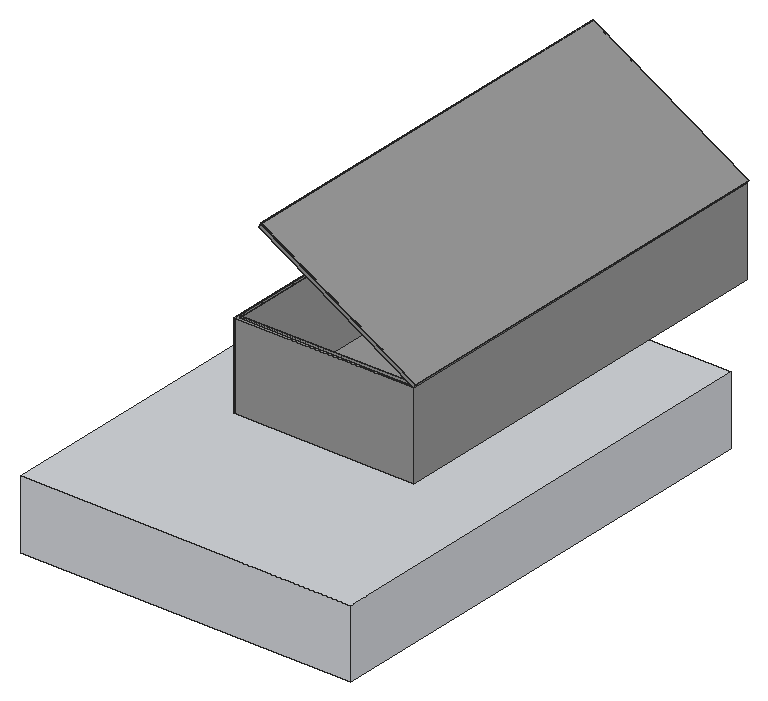
Revit family "Hager-Univers-IP41-D400-H1850-Cl.I-Steel_encl-PL-en", category Equipement électrique, Revit 2020
Family settings
  Hôte = Face
  Configuration du panneau = Deux colonnes, circuits au sein
  Cote de connecteur circulaire = Utiliser le diamètre
  Type d'élément = Tableau de raccordement
  Couper avec des vides une fois chargée = Non
  Partagée = Non
  Point de calcul de pièce = Non
Parameters (values of type "Surface mounted (plaster) IP41 W800 H1850 D400  - FS23G")
  Width Control [instance] = if([EF000008 - Width] > Min Width, [EF000008 - Width], Min Width)  # 800 mm
  Commentaires du type = [HG000003 - Range]  # "Univers"
  Thickness Door [instance] = if([EF009171 - Material plate thickness door/cover] > 3 mm, 3 mm, [EF009171 - Material plate thickness door/cover])  # 1.5 mm
  Seal Frame Offset [instance] = 17 mm  # constant formula
  Plinth Visibility [instance] = [HG000027 - Plinth height] > 0 mm  # no
  Model = ""
  Min Width [instance] = 100 mm  # constant formula
  Min Height [instance] = 100 mm  # constant formula
  Min Depth [instance] = (2 * [EF009170 - Material plate thickness cabinet]) + 1 mm  # 4 mm
  Internal Frame Depth [instance] = (Door System Depth * 0.5)  # 9 mm
  Height Control [instance] = if([EF000040 - Height] > Min Height, [EF000040 - Height], Min Height)  # 1850 mm
  HG000027 - Plinth height = 0 mm
  HG000026 - Floor standing = no
  HG000024 - Bottom section height = 800 mm
  HG000023 - Double section enclosure = no
  HG000016 - Door 3d visibility [instance] = yes
  HG000015 - Clearance visibility [instance] = no
  HG000014 - Door on the right [instance] = yes
  HG000013 - Door on the left [instance] = not([HG000014 - Door on the right])  # no
  HG000012 - Door swing angle [instance] = 30.00°
  HG000010 - Asymmetric doors = no
  HG000009 - Double swing door = no
  HG000006 - Flush mounted = no
  HG000004 - Manufacturer reference = "FS23G"
  HG000003 - Range = "Univers"
  HG000002 - With door or cover = yes
  Frame Offset Bottom [instance] = 10 mm  # constant formula
  Frame Offset [instance] = 15 mm  # constant formula
  EF015940 - Cover with overpressure release = no
  EF011959 - Degree of protection (NEMA) = ""
  EF009554 - Number of openings for flange plates = 6
  EF009212 - Cover model = "EV000116 - Closed"
  EF009171 - Material plate thickness door/cover = 1.5 mm
  EF009170 - Material plate thickness cabinet = 1.5 mm
  Fabricant = "Hager"  # constant formula
  EF008873 - Nominal current (In) = 800 A
  EF007800 - Suitable for lightning protection = no
  EF006306 - With lock = no
  EF006244 - Transparent cover/door = no
  EF005474 - Degree of protection (IP) = "EV006416 - IP41"
  EF004464 - Type of door = "EV002646 - Single"
  EF004427 - Number of modules = 432
  EF004293 - Impact strength = "EV006813 - IK07"
  EF003532 - Suitable for outdoor use = no
  EF002950 - Width in number of modular spacings = 24
  EF001613 - Circuit integrity = "EV000494 - None"
  EF001596 - Material housing = "EV000179 - Steel"
  EF001131 - Internal depth = 400 mm
  EF001088 - Extension possible = yes
  EF000437 - Number of conduit inlets = 6
  EF000339 - Type of cover = "EV004216 - Door"
  EF000266 - Number of rows = 12
  EF000218 - Built-in depth = 0 mm
  EF000118 - With mounting plate = no
  EF000116 - RAL-number = "7035"
  EF000049 - Depth = 400 mm
  EF000040 - Height = 1850 mm
  EF000008 - Width = 800 mm
  EF000007 - Colour = "EV000270 - Grey"
  EF000003 - Mounting method = "EV000384 - Surface mounted (plaster)"
  Door System Leaf Tolerance [instance] = 1.5 mm  # constant formula
  Door System Depth [instance] = 18 mm  # constant formula
  Door Height [instance] = Height Control - [HG000027 - Plinth height]  # 1850 mm
  Depth Control [instance] = if([EF000049 - Depth] > Min Depth, [EF000049 - Depth], Min Depth)  # 400 mm
  Default Elevation = 0 mm
  Connector Offset [instance] = Height Control / 2  # 925 mm
  Bottom Top Plate Trim [instance] = 1.5 mm  # constant formula
  Plinth height Ctrl [instance] = if([HG000027 - Plinth height] > 0 mm, [HG000027 - Plinth height], 12 mm)  # 12 mm
Types (5, lengths in mm): name | Width Control | HG000009 - Double swing door | HG000004 - Manufacturer reference | EF009554 - Number of openings for flange plates | EF004464 - Type of door | EF004427 - Number of modules | EF000437 - Number of conduit inlets | EF000008 - Width
  Surface mounted (plaster) IP41 W1050 H1850 D400  - FS24G | 1050 | yes | "FS24G" | 8 | "EV003602 - Double" | 576 | 8 | 1050
  Surface mounted (plaster) IP41 W1300 H1850 D400  - FS25G | 1300 | yes | "FS25G" | 10 | "EV003602 - Double" | 720 | 10 | 1300
  Surface mounted (plaster) IP41 W300 H1850 D400  - FS21G | 300 | no | "FS21G" | 2 | "EV002646 - Single" | 144 | 2 | 300
  Surface mounted (plaster) IP41 W550 H1850 D400  - FS22G | 550 | no | "FS22G" | 4 | "EV002646 - Single" | 288 | 4 | 550
  Surface mounted (plaster) IP41 W800 H1850 D400  - FS23G | 800 | no | "FS23G" | 6 | "EV002646 - Single" | 432 | 6 | 800
Reference planes
  plane 1 "Center (Front/Back)": y = 0
  plane 2: z = 0
  plane 3 "Center (Left/Right)": x = 0
  plane 4: z = 400
  plane 5: y = 1.5
  plane 6: y = 925
  plane 7: y = 0
  plane 8: y = 1850
  plane 9: z = 0
  plane 10: x = -385
  plane 11: x = 385
  plane 12: x = 383.5
  plane 13: x = -383.5
  plane 14: y = 1848.5
  plane 15: x = -383
  plane 16: x = -400
  plane 17: x = 383
  plane 18: x = 400
  plane 19: x = 398.5
  plane 20: x = -398.5
  plane 21: y = 11.5
  plane 22: y = 1850
  plane 23: y = 1833.5
  plane 24: z = 382
  plane 25: z = 1.5
  plane 26: z = 380.5
  plane 27: z = 398.5
Forms (mm)
  Extrusion 1, solid
    sketch origin (0, 0, 0) x (1, 0, 0) y (0, 1, 0)
      loop
        line (-702.964, 1305) -> (-702.964, -811.445) -> (766.763, -811.445) -> (766.763, 1305) -> (-702.964, 1305)
    from 0 to -304.8
  Extrusion 2, solid, material "Hager_Steel_RAL7035_Light_Grey", visible <- "Plinth Visibility", detail levels medium+fine
    sketch origin (0, 0, 0) x (1, 0, 0) y (0, 1, 0)
      loop
        line (-400, 0) -> (400, 0) -> (400, 12) -> (-400, 12) -> (-400, 0)
    from 0 to 382
  Extrusion 3, solid, material "Hager_Steel_RAL7035_Light_Grey", detail levels medium+fine
    sketch origin (0, 0, 0) x (1, 0, 0) y (0, 1, 0)
      loop
        line (-400, 0) -> (400, 0) -> (400, 1850) -> (-400, 1850) -> (-400, 0)
    from 0 to 382
  Extrusion 4, void
    sketch origin (0, 0, 0) x (1, 0, 0) y (0, 1, 0)
      loop
        line (-398.5, 1.5) -> (398.5, 1.5) -> (398.5, 1848.5) -> (-398.5, 1848.5) -> (-398.5, 1.5)
    from 1.5 to 380.5
  Extrusion 5, void
    sketch origin (-381.607, -4572, 382) x (0, -1, 0) y (-1, 0, 0)
      loop
        line (-4583.5, 1.893) -> (-6405.5, 1.893) -> (-6405.5, -765.107) -> (-4583.5, -765.107) -> (-4583.5, 1.893)
    from 0 to 1.5 <- "EF009170 - Material plate thickness cabinet"
  Extrusion 6, solid, material "Hager_Steel_RAL7035_Light_Grey", detail levels fine
    sketch origin (0, 0, 382) x (1, 0, 0) y (0, 1, 0)
      loop
        line (-383.5, 1833.5) -> (-383.5, 11.5) -> (383.5, 11.5) -> (383.5, 1833.5) -> (-383.5, 1833.5)
      loop
        line (-385, 10) -> (385, 10) -> (385, 1835) -> (-385, 1835) -> (-385, 10)
    from 0 to 9 <- "Internal Frame Depth"
  Extrusion 7, solid, material "Hager_Steel_RAL7035_Light_Grey", detail levels coarse
    sketch origin (0, 0, 0) x (1, 0, 0) y (0, 1, 0)
      loop
        line (-400, 0) -> (400, 0) -> (400, 1850) -> (-400, 1850) -> (-400, 0)
    from 0 to 400
  Sweep 8, void
    path in 3D
      loop
        line (-400, 12, 0) -> (400, 12, 0) -> (400, 12, 382) -> (-400, 12, 382) -> (-400, 12, 0)
    profile origin (-400, 12, 191) x (-1, 0, 0) y (0, -1, 0)
      loop
        line (0, 0) -> (0, 1.5) -> (-1.5, 1.5)
        arc (-1.5, 1.5) -> (-1.061, 0.439) -> (0, 0) r 1.5
Cuts and joins
  Extrusion 4, Extrusion 5 cuts Extrusion 3
  Sweep 8 cuts Extrusion 2
Lines and regions (mm)
  Masking region 1
    outline origin (0, 0, 0) x (1, 0, 0) y (0, 0, 1)
      loop
        line (-400, 400) -> (-400, 0) -> (400, 0) -> (400, 400) -> (-400, 400)
  Masking region 2, detail levels medium+fine
    outline origin (0, 140, 0) x (0, 1, 0) y (0, 0, 1)
      loop
        line (-140, 0) -> (1710, 0) -> (1710, 382) -> (-140, 382) -> (-140, 0)
  Masking region 3, not visible, detail levels medium+fine
    outline origin (0, 297.922, 0) x (0, 1, 0) y (0, 0, 1)
      loop
        line (638.578, 0) -> (678.578, 0) -> (678.578, 388.5)
        arc (678.578, 388.5) -> (675.649, 395.571) -> (668.578, 398.5) r 10
        line (668.578, 398.5) -> (638.578, 398.5) -> (638.578, 0)
  Masking region 4, detail levels coarse
    outline origin (0, 0, 180) x (0, 1, 0) y (0, 0, 1)
      loop
        line (0, -180) -> (1850, -180) -> (1850, 220) -> (0, 220) -> (0, -180)
  Masking region 5, visible <- "Plinth Visibility", detail levels medium+fine
    outline origin (0, 52.24, 12.345) x (0, 0, -1) y (0, 1, 0)
      loop
        line (10.845, -40.24) -> (-368.155, -40.24)
        arc (-368.155, -40.24) -> (-368.594, -41.301) -> (-369.655, -41.74) r 1.5
        line (-369.655, -41.74) -> (-369.655, -52.24) -> (12.345, -52.24) -> (12.345, -41.74)
        arc (12.345, -41.74) -> (11.285, -41.301) -> (10.845, -40.24) r 1.5
  Masking region 6, detail levels medium+fine
    outline origin (-381.607, -4572, 382) x (-1, 0, 0) y (0, -1, 0)
      loop
        line (18.393, -6422) -> (18.393, -4572) -> (-781.607, -4572) -> (-781.607, -6422) -> (18.393, -6422)
  Masking region 7, visible <- "Plinth Visibility", detail levels medium+fine
    outline origin (-381.607, -4727, 382) x (-1, 0, 0) y (0, -1, 0)
      loop
        arc (16.893, -4739) -> (17.332, -4737.939) -> (18.393, -4737.5) r 1.5
        line (18.393, -4737.5) -> (18.393, -4727) -> (-781.607, -4727) -> (-781.607, -4737.5)
        arc (-781.607, -4737.5) -> (-780.546, -4737.939) -> (-780.107, -4739) r 1.5
        line (-780.107, -4739) -> (16.893, -4739)
  Masking region 8, detail levels coarse
    outline origin (-442.548, -4669.526, 382) x (-1, 0, 0) y (0, -1, 0)
      loop
        line (-42.548, -6519.526) -> (-42.548, -4669.526) -> (-842.548, -4669.526) -> (-842.548, -6519.526) -> (-42.548, -6519.526)
  sketch lines
    curve 1: line (-400, 12, 382) -> (-400, 12, 0)
    curve 2: line (400, 12, 382) -> (-400, 12, 382)
    curve 3: line (400, 12, 382) -> (400, 12, 0)
    curve 4: line (-400, 12, 0) -> (400, 12, 0)
Dimensions and locks
  "Depth Control": plane 4 to Extrusion 1
  "HG000027 - Plinth height": plane 1 "Center (Front/Back)" to plane 7
  "EF009170 - Material plate thickness cabinet": plane 5 to plane 7
  locked: connector elem to plane 3 "Center (Left/Right)"
  equal spacing: plane 8, plane 6, plane 7
  locked: connector elem to plane 6
  "EF009170 - Material plate thickness cabinet": plane 8 to plane 14
  "EF009170 - Material plate thickness cabinet": plane 10 to plane 13
  "EF009170 - Material plate thickness cabinet": plane 12 to plane 11
  "Frame Offset": plane 20 to plane 13
  "Frame Offset": plane 12 to plane 19
  "EF009170 - Material plate thickness cabinet": plane 16 to plane 20
  "EF009170 - Material plate thickness cabinet": plane 19 to plane 18
  "Seal Frame Offset": plane 16 to plane 15
  "Seal Frame Offset": plane 17 to plane 18
  "Frame Offset Bottom": plane 21 to plane 5
  "Frame Offset": plane 14 to plane 23
  equal spacing: plane 16, plane 3 "Center (Left/Right)", plane 18
  "Width Control": plane 16 to plane 18
  "EF009170 - Material plate thickness cabinet": plane 4 to plane 27
  "EF009170 - Material plate thickness cabinet": plane 24 to plane 26
  "EF009170 - Material plate thickness cabinet": plane 25 to level
  "Door System Depth": plane 4 to plane 24
  "Height Control": plane 1 "Center (Front/Back)" to Extrusion 7 sketch curve
  "Height Control": Masking region 4 sketch curve to plane 1 "Center (Front/Back)"
  "Height Control": plane 1 "Center (Front/Back)" to plane 22
  "Bottom Top Plate Trim": profile plane to Sweep 8 sketch curve
  "Bottom Top Plate Trim": Sweep 8 sketch curve to profile plane
  "Plinth height Ctrl": plane 1 "Center (Front/Back)" to Extrusion 2 sketch curve
  "Plinth height Ctrl": Masking region 5 sketch curve to plane 1 "Center (Front/Back)"
  "Plinth height Ctrl": plane 1 "Center (Front/Back)" to Masking region 7 sketch curve
  "Thickness Door": Extrusion 6 sketch curve to Extrusion 6 sketch curve  (x3)
  "Thickness Door": cut or joined group of Extrusion 3, Extrusion 4, Extrusion 5 to Extrusion 6 sketch curve
  radius of Masking region 3 sketch curve = 10 mm
  "Bottom Top Plate Trim": radius of Masking region 5 sketch curve  (x2)
  "Bottom Top Plate Trim": radius of Sweep 8 sketch curve
  "Bottom Top Plate Trim": radius of Masking region 7 sketch curve  (x2)
  aligned and locked: plane 2 to Extrusion 1
  aligned and locked: level to Extrusion 1
  aligned and locked: level to Masking region 1 sketch curve
  aligned and locked: Masking region 1 sketch curve to plane 18
  aligned and locked: Masking region 1 sketch curve to plane 16
  aligned and locked: plane 7 to Masking region 2 sketch curve
  aligned and locked: level to Masking region 3 sketch curve
  aligned and locked: Masking region 3 sketch curve to plane 27
  aligned and locked: level to Masking region 2 sketch curve
  aligned and locked: plane 1 "Center (Front/Back)" to Extrusion 2 sketch curve
  aligned and locked: Extrusion 3 sketch curve to plane 7
  aligned and locked: plane 16 to Extrusion 3 sketch curve
  aligned and locked: plane 18 to Extrusion 3 sketch curve
  aligned and locked: plane 20 to Extrusion 4 sketch curve
  aligned and locked: plane 19 to Extrusion 4 sketch curve
  aligned and locked: Extrusion 4 sketch curve to plane 5
  aligned and locked: Extrusion 4 to plane 25
  aligned and locked: plane 26 to Extrusion 4
  aligned and locked: plane 24 to Extrusion 3
  aligned and locked: Extrusion 5 sketch curve to plane 21
  aligned and locked: Extrusion 5 sketch curve to plane 13
  aligned and locked: Extrusion 5 sketch curve to plane 12
  aligned and locked: plane 18 to Extrusion 7 sketch curve
  aligned and locked: plane 1 "Center (Front/Back)" to Extrusion 7 sketch curve
  aligned and locked: plane 16 to Extrusion 7 sketch curve
  aligned and locked: plane 4 to Extrusion 7
  aligned and locked: Extrusion 7 to level
  aligned and locked: level to Masking region 4 sketch curve
  aligned and locked: Masking region 4 sketch curve to plane 1 "Center (Front/Back)"
  aligned and locked: Masking region 4 sketch curve to plane 4
  aligned and locked: nested 1 to level
  aligned and locked: nested 1 to plane 16
  aligned and locked: plane 8 to Extrusion 3 sketch curve
  aligned and locked: plane 23 to Extrusion 5 sketch curve
  aligned and locked: plane 14 to Extrusion 4 sketch curve
  aligned and locked: Masking region 2 sketch curve to plane 8
  aligned and locked: level to Masking region 5 sketch curve
  aligned and locked: plane 16 to Extrusion 2 sketch curve
  aligned and locked: plane 18 to Extrusion 2 sketch curve
  aligned and locked: Masking region 5 sketch curve to plane 24
  aligned and locked: Masking region 2 sketch curve to plane 24
  aligned and locked: plane 24 to Extrusion 2
  aligned and locked: profile plane to Sweep 8 sketch curve  (x2)
  aligned and locked: Masking region 6 sketch curve to plane 18
  aligned and locked: Masking region 6 sketch curve to plane 22
  aligned and locked: Masking region 6 sketch curve to plane 16
  aligned and locked: plane 8 to plane 22
  aligned and locked: Masking region 6 sketch curve to plane 7
  aligned and locked: Masking region 7 sketch curve to plane 16
  aligned and locked: Masking region 7 sketch curve to plane 1 "Center (Front/Back)"
  aligned and locked: Masking region 7 sketch curve to plane 18
  aligned and locked: Masking region 8 sketch curve to plane 1 "Center (Front/Back)"
  aligned and locked: Masking region 8 sketch curve to plane 18
  aligned and locked: Masking region 8 sketch curve to plane 22
  aligned and locked: Masking region 8 sketch curve to plane 16
  aligned and locked: nested 2 to plane 7
  aligned and locked: plane 3 "Center (Left/Right)" to nested 2
  aligned and locked: nested 2 to plane 24
  aligned and locked: Extrusion 6 sketch curve to cut or joined group of Extrusion 3, Extrusion 4, Extrusion 5  (x4)
Automatic sketch dimensions
  Extrusion 1 sketch curve to Extrusion 1 sketch curve = 1469.727 mm
  Extrusion 1 sketch curve to Extrusion 1 sketch curve = 2116.445 mm
  Masking region 1 sketch curve to plane 4 = 0 mm
  plane 6 to Masking region 3 sketch curve = 11.5 mm
  Masking region 3 sketch curve to Masking region 3 sketch curve = 30 mm
  Masking region 5 sketch curve to plane 1 "Center (Front/Back)" = 0 mm
Nested families
  nested 1: "Hager_Enclosure_Symbol" at (-400, 0, 0) x (1, 0, 0) z (0, -1, 0), Height <- "Depth Control", Width <- "Width Control", type "Hager_Enclosure_Symbol"
    with Width_Ctrl 800 mm, Width 800 mm, Height_Ctrl 400 mm, Height 400 mm, A_Width_Int 26.25 mm, A_Width 315 mm, A_Height_Ctrl 350 mm, A_Height 350 mm
  nested 2: "EC000058_Univers_Door" at (0, 0, 382) x (1, 0, 0) z (0, 1, 0), Leaf_Tolerance <- "Door System Leaf Tolerance", Angle <- "HG000012 - Door swing angle", Door_Depth <- "Door System Depth", Door_Left <- "HG000013 - Door on the left", Transparent <- "EF006244 - Transparent cover/door", Assymetrical <- "HG000010 - Asymmetric doors", Width <- "Width Control", Clearance <- "HG000015 - Clearance visibility", Double <- "HG000009 - Double swing door", 3d_Door <- "HG000016 - Door 3d visibility", Lock_Visibility <- "EF006306 - With lock", Width_Ctrl <- "Width Control", Door_Right <- "HG000014 - Door on the right", Door <- "HG000002 - With door or cover", Height <- "Door Height", Thickness <- "Thickness Door", type "EC000058_Univers_Door", detail levels medium+fine
    with min_wh 4 mm, Width_Ctrl 800 mm, Width 800 mm, Transparent no, Thickness 1.5 mm, Seal_Material Hager_Rubber, Lock_Visibility no, Lock_Material Hager_Plastic_RAL9005_Jet_Black, Leaf_Width 800 mm, Leaf_Tolerance_External_Sides 0 mm, Leaf_Tolerance 1.5 mm, Leaf_Offset 0 mm, Leaf_Height 1847 mm, Leaf_2_Width 800 mm, Leaf_2_Offset 400 mm, Leaf_1_Width 800 mm, Leaf_1_Offset 400 mm, Height_Ctrl 1850 mm, Height 1850 mm, Glass_Material Hager_Glass, Double_Clearance_Ctrl no, Double no, Door_Right_Ctrl yes, Door_Right yes, Door_Material Hager_Steel_RAL7035_Light_Grey, Door_Left_Ctrl no, Door_Left no, Door_Depth 18 mm, Door yes, Clearance_Material Hager_Clearance, Clearance_Depth 800 mm, Clearance_Ctrl no, Clearance no, Assymetrical no, Angle 30.00°, 3d_Door yes
Connectors
  electrical at (0, 925, 0)
    settings: on plane 9, index 1, voltage 0 V, apparent load 0 VA, apparent load phase1 0 VA, apparent load phase2 0 VA, apparent load phase3 0 VA, power factor 1, load classification "Other", number of poles 1, system type 30, power factor state 1, is connector primary yes, connector utility no, sub classification motor no, connector description ""
Definition of nested family "EC000058_Univers_Door"
  Parameters (values of type "EC000058_Univers_Door")
    min_wh [instance] = (2 * Thickness) + 1 mm  # 11 mm
    Width_Ctrl [instance] = 400 mm
    Width [instance] = 500 mm
    Transparent [instance] = yes
    Thickness [instance] = 5 mm
    Seal_Material [instance] = none
    Lock_Visibility [instance] = yes
    Lock_Material [instance] = none
    Leaf_Width [instance] = if((Width_Ctrl - 2 * Leaf_Tolerance_External_Sides) > 0 mm, (Width_Ctrl - 2 * Leaf_Tolerance_External_Sides), min_wh)  # 400 mm
    Leaf_Tolerance_External_Sides [instance] = 0 mm  # constant formula
    Leaf_Tolerance [instance] = 1.5 mm
    Leaf_Offset [instance] = 0 mm  # constant formula
    Leaf_Height [instance] = if((Height_Ctrl - 2 * Leaf_Tolerance) > 0 mm, (Height_Ctrl - 2 * Leaf_Tolerance), min_wh)  # 497 mm
    Leaf_2_Width [instance] = if(and(and(Double, Assymetrical), Door_Left), (Leaf_Width / 3) - (Leaf_Tolerance / 2), if(and(and(Double, Assymetrical), Door_Right), (Leaf_Width / 3) * 2 - (Leaf_Tolerance / 2), if(and(Double, not(Assymetrical)), (Leaf_Width / 2) - Leaf_Tolerance, Leaf_Width)))  # 400 mm
    Leaf_2_Offset [instance] = if(and(Double, Assymetrical), Leaf_2_Width / 2, if(and(Double, not(Assymetrical)), Leaf_Width / 4, Leaf_Width / 2))  # 200 mm
    Leaf_1_Width [instance] = if(and(and(Double, Assymetrical), Door_Right), (Leaf_Width / 3) - (Leaf_Tolerance / 2), if(and(and(Double, Assymetrical), Door_Left), (Width / 3) * 2 - (Leaf_Tolerance / 2), if(and(Double, not(Assymetrical)), (Leaf_Width / 2) - Leaf_Tolerance, Leaf_Width)))  # 400 mm
    Leaf_1_Offset [instance] = if(and(Double, Assymetrical), Leaf_1_Width / 2, if(and(Double, not(Assymetrical)), Leaf_Width / 4, Leaf_Width / 2))  # 200 mm
    Height_Ctrl [instance] = if(Height > min_wh, Height, min_wh)  # 500 mm
    Height [instance] = 500 mm
    Glass_Material [instance] = none
    Double_Clearance_Ctrl [instance] = and(Double, Clearance)  # no
    Double [instance] = no
    Door_Right_Ctrl [instance] = and(or(Door_Right, Double), Door)  # yes
    Door_Right [instance] = yes
    Door_Material [instance] = none
    Door_Left_Ctrl [instance] = and(or(Door_Left, Double), Door)  # no
    Door_Left [instance] = no
    Door_Depth [instance] = 30 mm
    Door [instance] = yes
    Default Elevation = 1219.2 mm
    Clearance_Material [instance] = none
    Clearance_Depth [instance] = if(Leaf_1_Width > Leaf_2_Width, Leaf_1_Width, Leaf_2_Width)  # 400 mm
    Clearance_Ctrl [instance] = and(not(Double), Clearance)  # yes
    Clearance [instance] = yes
    Assymetrical [instance] = yes
    Angle [instance] = 30.00°
    3d_Door [instance] = yes
  Reference planes
    plane 1 "Center (Front/Back)": y = 0
    plane 2 "Bottom": z = 0
    plane 3 "Center (Left/Right)": x = 0
    plane 4: z = 500
    plane 5: x = -200
    plane 6: x = 200
    plane 7: z = 500
    plane 8: x = -200
    plane 9: z = 0
    plane 10: x = 200
    plane 11: y = 0
    plane 12: z = 1.5
    plane 13: x = -600
    plane 14: y = -400
    plane 15: x = 600
    plane 16: x = 0
    plane 17: x = 0
    plane 18: x = -200
    plane 19: x = 200
    plane 20: z = 498.5
  Forms (mm)
    Extrusion 1, solid, material <- "Clearance_Material", visible <- "Double_Clearance_Ctrl"
      sketch origin (1200, 0, 0) x (1, 0, 0) y (0, 0, -1)
        loop
          line (-1800, -498.5) -> (-600, -498.5) -> (-600, 0) -> (-1800, 0) -> (-1800, -498.5)
      from 0 to -400
  Dimensions and locks
    equal spacing: plane 5, plane 3 "Center (Left/Right)", plane 6
    "Width_Ctrl": plane 5 to plane 6
    "Leaf_Offset": plane 5 to plane 8
    "Leaf_Offset": plane 6 to plane 10
    "Leaf_Offset": plane 9 to level
    "Leaf_Offset": plane 4 to plane 7
    "Height_Ctrl": plane 4 to level
    "Leaf_Tolerance": plane 12 to plane 9
    locked: plane 11 to plane 1 "Center (Front/Back)"
    "Leaf_1_Offset": plane 18 to plane 16
    "Leaf_2_Offset": plane 17 to plane 19
    "Leaf_1_Width": plane 13 to plane 8
    "Leaf_2_Width": plane 10 to plane 15
    "Clearance_Depth": plane 14 to plane 1 "Center (Front/Back)"
    "Leaf_Tolerance_External_Sides": plane 8 to plane 18
    "Leaf_Tolerance_External_Sides": plane 19 to plane 10
    "Leaf_Tolerance": plane 7 to plane 20
    aligned and locked: level to plane 2 "Bottom"
    aligned and locked: nested 1 to plane 16
    aligned and locked: nested 2 to plane 17
    aligned and locked: Extrusion 1 to plane 13
    aligned and locked: plane 15 to Extrusion 1
    aligned and locked: Extrusion 1 to plane 14
    aligned and locked: plane 12 to nested 1
    aligned and locked: nested 2 to plane 12
    aligned and locked: Extrusion 1 to plane 11
    aligned and locked: plane 20 to Extrusion 1
    aligned and locked: nested 2 to plane 11
    aligned and locked: nested 1 to plane 11
  Automatic sketch dimensions
    Extrusion 1 sketch curve to level = 0 mm
    plane 5 to Extrusion 1 sketch curve = 400 mm
    plane 6 to Extrusion 1 sketch curve = 400 mm
    Extrusion 1 sketch curve to plane 4 = 1.5 mm
  Nested families
    nested 1: "EC000058_Univers_Door_Leaf" at (0, 0, 1.5), Width <- "Leaf_1_Width", visible <- "Door_Left_Ctrl", Leaf_Height <- "Leaf_Height", Angle <- "Angle", 3d_Door <- "3d_Door", Transparent <- "Transparent", Clearance Material <- "Clearance_Material", Clearance <- "Clearance_Ctrl", Door_Material <- "Door_Material", Glass_Material <- "Glass_Material", Door_Depth <- "Door_Depth", Lock_Material <- "Lock_Material", Seal_Material <- "Seal_Material", Lock_Visibility <- "Lock_Visibility", Thickness <- "Thickness", type "EC000058_Univers_Door_Leaf"
      with Width 400 mm, Transparent_Glass_Offset 30 mm, Transparent_Ctrl yes, Transparent yes, Thickness 5 mm, Standard no, Seal_Material none, Seal_D2 8 mm, Seal_D1 1 mm, Offset_Internal_Frame 10 mm, Lock_Width 20 mm, Lock_Visibility_3d yes, Lock_Visibility yes, Lock_Thickness_3 3 mm, Lock_Thickness_2 1 mm, Lock_Thickness_1 3 mm, Lock_Radius_Offset_2 16 mm, Lock_Radius_Offset_1 15 mm, Lock_Radius_2 5 mm, Lock_Radius 6 mm, Lock_Offset 5 mm, Lock_Material none, Lock_Height 80 mm, Lock_Cover_Top_Offset_2d 17 mm, Lock_Cover_Height -65 mm, Leaf_Height 497 mm, Internal_Seal_Thickness 8 mm, Internal_Seal_Depth_2 4.5 mm, Internal_Frame_Depth 25 mm, Glass_Thickness -1 mm, Glass_Offset -2 mm, Glass_Material none, Door_Material none, Door_Depth 30 mm, Clearance Material none, Clearance yes, Angle_Ctrl 30.00°, Angle 30.00°, 3d_Door yes
    nested 2: "EC000058_Univers_Door_Leaf" at (0, 0, 1.5) x (-1, 0, 0) z (0, 0, 1), Width <- "Leaf_2_Width", visible <- "Door_Right_Ctrl", Leaf_Height <- "Leaf_Height", Angle <- "Angle", 3d_Door <- "3d_Door", Transparent <- "Transparent", Clearance Material <- "Clearance_Material", Clearance <- "Clearance_Ctrl", Door_Material <- "Door_Material", Glass_Material <- "Glass_Material", Door_Depth <- "Door_Depth", Lock_Material <- "Lock_Material", Seal_Material <- "Seal_Material", Lock_Visibility <- "Lock_Visibility", Thickness <- "Thickness", type "EC000058_Univers_Door_Leaf"
      with Width 400 mm, Transparent_Glass_Offset 30 mm, Transparent_Ctrl yes, Transparent yes, Thickness 5 mm, Standard no, Seal_Material none, Seal_D2 8 mm, Seal_D1 1 mm, Offset_Internal_Frame 10 mm, Lock_Width 20 mm, Lock_Visibility_3d yes, Lock_Visibility yes, Lock_Thickness_3 3 mm, Lock_Thickness_2 1 mm, Lock_Thickness_1 3 mm, Lock_Radius_Offset_2 16 mm, Lock_Radius_Offset_1 15 mm, Lock_Radius_2 5 mm, Lock_Radius 6 mm, Lock_Offset 5 mm, Lock_Material none, Lock_Height 80 mm, Lock_Cover_Top_Offset_2d 17 mm, Lock_Cover_Height -65 mm, Leaf_Height 497 mm, Internal_Seal_Thickness 8 mm, Internal_Seal_Depth_2 4.5 mm, Internal_Frame_Depth 25 mm, Glass_Thickness -1 mm, Glass_Offset -2 mm, Glass_Material none, Door_Material none, Door_Depth 30 mm, Clearance Material none, Clearance yes, Angle_Ctrl 30.00°, Angle 30.00°, 3d_Door yes
  Definition of nested family "EC000058_Univers_Door_Leaf"
    Parameters (values of type "EC000058_Univers_Door_Leaf")
      Width [instance] = 2000 mm
      Transparent_Glass_Offset [instance] = 30 mm
      Transparent_Ctrl [instance] = and(Transparent, [3d_Door])  # yes
      Transparent [instance] = yes
      Thickness [instance] = 5 mm
      Standard [instance] = and(not(Transparent), [3d_Door])  # no
      Seal_Material [instance] = none
      Seal_D2 [instance] = 8 mm  # constant formula
      Seal_D1 [instance] = 1 mm  # constant formula
      Offset_Internal_Frame [instance] = 10 mm  # constant formula
      Lock_Width [instance] = 20 mm  # constant formula
      Lock_Visibility_3d [instance] = and(Lock_Visibility, [3d_Door])  # yes
      Lock_Visibility [instance] = yes
      Lock_Thickness_3 [instance] = 3 mm  # constant formula
      Lock_Thickness_2 [instance] = 1 mm  # constant formula
      Lock_Thickness_1 [instance] = 3 mm  # constant formula
      Lock_Radius_Offset_2 [instance] = Lock_Radius_Offset_1 + 1 mm  # 16 mm
      Lock_Radius_Offset_1 [instance] = 15 mm  # constant formula
      Lock_Radius_2 [instance] = Lock_Radius - 1 mm  # 5 mm
      Lock_Radius [instance] = 6 mm  # constant formula
      Lock_Offset [instance] = 5 mm  # constant formula
      Lock_Material [instance] = none
      Lock_Height [instance] = 80 mm  # constant formula
      Lock_Cover_Top_Offset_2d [instance] = Lock_Radius_Offset_2 + 1 mm  # 17 mm
      Lock_Cover_Height [instance] = -(Lock_Height - Lock_Radius_Offset_1)  # -65 mm
      Leaf_Height [instance] = 2720.336 mm
      Internal_Seal_Thickness [instance] = 8 mm  # constant formula
      Internal_Seal_Depth_2 [instance] = 4.5 mm  # constant formula
      Internal_Frame_Depth [instance] = if(Door_Depth - Thickness > 5 mm, Door_Depth - Thickness, 5 mm)  # 25 mm
      Glass_Thickness [instance] = if(Thickness > 15 mm, Glass_Offset + 10 mm, -1 mm)  # -1 mm
      Glass_Offset [instance] = if(Thickness > 15 mm, -(Thickness + 10 mm) / 2, -2 mm)  # -2 mm
      Glass_Material [instance] = none
      Door_Material [instance] = none
      Door_Depth [instance] = 30 mm
      Default Elevation = 0 mm
      Clearance Material [instance] = none
      Clearance [instance] = yes
      Angle_Ctrl [instance] = if(Angle > 180.00°, 180.00°, Angle)  # 90.00°
      Angle [instance] = 90.00°
      3d_Door [instance] = yes
    Reference planes
      plane 1 "Center (Front/Back)": y = 0
      plane 2: z = 0
      plane 3 "Center (Left/Right)": x = 0
      plane 4: y = 2000
      plane 5: x = -1000
      plane 6: x = 1000
      plane 7: x = -3000
      plane 8: z = 2720.336
      plane 9: z = 30
      plane 10: z = 2690.336
      plane 11: x = 970
      plane 12: x = -970
      plane 13: y = -3
      plane 14: z = 107.833
      plane 15: y = -5
      plane 16: y = -223.314
      plane 17: x = -1000
      plane 18: z = 1360.168
      plane 19: y = 30
    Forms (mm)
      Extrusion 1, solid, material <- "Clearance Material", visible <- "Clearance"
        sketch origin (0, 0, 0) x (1, 0, 0) y (0, 0, 1)
          loop
            line (-3000, 2720.336) -> (-3000, 0) -> (1000, 0) -> (1000, 2720.336) -> (-3000, 2720.336)
        from 0 to -2000
      Extrusion 2, solid, material <- "Door_Material", visible <- "Standard", detail levels medium+fine
        sketch origin (-1000, 0, 0) x (0, 1, 0) y (-1, 0, 0)
          loop
            line (0, 30) -> (0, 25) -> (2000, 25) -> (2000, 30) -> (0, 30)
        from 0 to 2720.336 <- "Leaf_Height"
      Extrusion 3, solid, material <- "Door_Material", visible <- "Transparent_Ctrl", detail levels medium+fine
        sketch origin (-1000, 0, 0) x (0, 1, 0) y (-1, 0, 0)
          loop
            line (0, 25) -> (2000, 25) -> (2000, 30) -> (0, 30) -> (0, 25)
        from 0 to 2720.336 <- "Leaf_Height"
      Extrusion 4, void
        sketch origin (-1025, 2000, 0) x (0, 1, 0) y (0, 0, -1)
          loop
            line (-30, -2690.336) -> (-30, -30) -> (-1970, -30) -> (-1970, -2690.336) -> (-30, -2690.336)
        from 0 to 5 <- "Thickness"
      Sweep 5, solid, material <- "Seal_Material", visible <- "Transparent_Ctrl", detail levels fine
        path in 3D
          loop
            line (-1025, 30, 30) -> (-1025, 30, 2690.336) -> (-1025, 1970, 2690.336) -> (-1025, 1970, 30) -> (-1025, 30, 30)
        profile origin (-1025, 1000, 30) x (1, 0, 0) y (0, 0, 1)
          loop
            line (0, 0) -> (0, -8) -> (1, -8) -> (1, 0) -> (0, 0)
      Extrusion 6, solid, material <- "Glass_Material", visible <- "Transparent_Ctrl", detail levels medium+fine
        sketch origin (-1030, 0, 0) x (0, 1, 0) y (0, 0, -1)
          loop
            line (1970, -2690.336) -> (1970, -30) -> (30, -30) -> (30, -2690.336) -> (1970, -2690.336)
        from -2 <- "Glass_Offset" to -1 <- "Glass_Thickness"
      Extrusion 7, solid, material <- "Door_Material", visible <- "3d_Door", detail levels medium+fine
        sketch origin (-1025, 2000, 0) x (0, -1, 0) y (0, 0, -1)
          loop
            line (0, -2720.336) -> (2000, -2720.336) -> (2000, 0) -> (0, 0) -> (0, -2720.336)
          loop
            line (1995, -5) -> (5, -5) -> (5, -2715.336) -> (1995, -2715.336) -> (1995, -5)
        from 0 to 25 <- "Internal_Frame_Depth"
      Sweep 8, solid, material <- "Seal_Material", visible <- "Transparent_Ctrl", detail levels fine
        path in 3D
          loop
            line (-1025, 0, 0) -> (-1025, 2000, 0) -> (-1025, 2000, 2720.336) -> (-1025, 0, 2720.336) -> (-1025, 0, 0)
        profile origin (-1025, 0, 1360.168) x (1, 0, 0) y (0, 1, 0)
          loop
            line (0, 10) -> (2.975, 10)
            arc (2.975, 10) -> (4.053, 10.447) -> (4.5, 11.525) r 1.525
            line (4.5, 11.525) -> (4.5, 16.527)
            arc (4.5, 16.527) -> (4.069, 17.569) -> (3.027, 18) r 1.473
            line (3.027, 18) -> (0, 18) -> (0, 10)
      Extrusion 9, solid, material <- "Lock_Material", visible <- "Lock_Visibility_3d", detail levels fine
        sketch origin (-1030, 0, 0) x (0, 1, 0) y (0, 0, -1)
          loop
            arc (1993.5, -1400.168) -> (1994.561, -1399.729) -> (1995, -1398.668) r 1.5
            line (1995, -1398.668) -> (1995, -1320.168) -> (1975, -1320.168) -> (1975, -1398.668)
            arc (1975, -1398.668) -> (1975.439, -1399.729) -> (1976.5, -1400.168) r 1.5
            line (1976.5, -1400.168) -> (1993.5, -1400.168)
        from 3 <- "Lock_Thickness_1" to 0
      Blend 10, solid, material <- "Lock_Material", visible <- "Lock_Visibility_3d", detail levels fine
        base sketch origin (-1033, 0, 0) x (0, 1, 0) y (0, 0, -1)
          loop
            line (1975, -1320.168) -> (1975, -1398.668)
            arc (1975, -1398.668) -> (1975.439, -1399.729) -> (1976.5, -1400.168) r 1.5
            line (1976.5, -1400.168) -> (1993.5, -1400.168)
            arc (1993.5, -1400.168) -> (1994.561, -1399.729) -> (1995, -1398.668) r 1.5
            line (1995, -1398.668) -> (1995, -1320.168) -> (1975, -1320.168)
        top sketch origin (-1033, 0, 0) x (0, 1, 0) y (0, 0, -1)
          loop
            line (1976, -1320.168) -> (1976, -1398.668)
            arc (1976, -1398.668) -> (1976.146, -1399.022) -> (1976.5, -1399.168) r 0.5
            line (1976.5, -1399.168) -> (1993.5, -1399.168)
            arc (1993.5, -1399.168) -> (1993.854, -1399.022) -> (1994, -1398.668) r 0.5
            line (1994, -1398.668) -> (1994, -1320.168) -> (1976, -1320.168)
        from 0 to 1 <- "Lock_Thickness_2"
      Blend 11, solid, material <- "Lock_Material", visible <- "Lock_Visibility_3d", detail levels fine
        base sketch origin (-1034, 0, 0) x (0, 1, 0) y (0, 0, -1)
          loop
            line (1978, -1320.168) -> (1978, -1384.168)
            arc (1978, -1384.168) -> (1985, -1391.168) -> (1992, -1384.168) r 7
            line (1992, -1384.168) -> (1992, -1320.168) -> (1978, -1320.168)
        top sketch origin (-1034, 0, 0) x (0, 1, 0) y (0, 0, -1)
          loop
            line (1991, -1320.168) -> (1979, -1320.168) -> (1979, -1383.168)
            arc (1979, -1383.168) -> (1985, -1389.168) -> (1991, -1383.168) r 6
            line (1991, -1383.168) -> (1991, -1320.168)
        from 0 to 3 <- "Lock_Thickness_3"
      Extrusion 12, solid, material <- "Lock_Material", visible <- "Lock_Visibility_3d", detail levels fine
        sketch origin (-1030, 1975, 1320.168) x (1, 0, 0) y (0, -1, 0)
          loop
            line (-7, -19) -> (-7, -1) -> (0, -1) -> (0, 0) -> (-8, 0) -> (-8, -20) -> (0, -20) -> (0, -19) -> (-7, -19)
        from 0 to -65 <- "Lock_Cover_Height"
      Extrusion 13, void
        sketch origin (-1038, 1995, 1320.168) x (-1, 0, 0) y (0, 0, -1)
          loop
            line (-5, -65) -> (0, -65) -> (-5, -60) -> (-5, -65)
        from 0 to 20 <- "Lock_Width"
      Extrusion 14, void
        sketch origin (-1038, 1975, 1320.168) x (0, -1, 0) y (0, 0, -1)
          loop
            circle (-10, -15.995) r 6
          loop
            circle (-10, -15.995) r 5
        from 0 to 2
      Extrusion 15, solid, material <- "Lock_Material", visible <- "Lock_Visibility_3d", detail levels medium
        sketch origin (-1030, 0, 0) x (0, 1, 0) y (0, 0, -1)
          loop
            arc (1993.5, -1400.168) -> (1994.561, -1399.729) -> (1995, -1398.668) r 1.5
            line (1995, -1398.668) -> (1995, -1320.168) -> (1975, -1320.168) -> (1975, -1398.668)
            arc (1975, -1398.668) -> (1975.439, -1399.729) -> (1976.5, -1400.168) r 1.5
            line (1976.5, -1400.168) -> (1993.5, -1400.168)
        from 8 to 0
    Cuts and joins
      Extrusion 4 cuts Extrusion 3
      Extrusion 13, Extrusion 14 cuts Extrusion 9
      Extrusion 14 cuts Blend 11
      Extrusion 13, Extrusion 14 cuts Extrusion 12
      joined: Extrusion 9, Blend 10, Blend 11, Extrusion 12
      Extrusion 14 cuts Extrusion 15
    Lines and regions (mm)
      Masking region 1, visible <- "Lock_Visibility", detail levels fine
        outline origin (0, 0, 0) x (0, 1, 0) y (0, 0, 1)
          loop
            line (30, 1320.168) -> (33, 1320.168) -> (33, 1400.168) -> (30, 1400.168) -> (30, 1320.168)
      Masking region 2, visible <- "Lock_Visibility", detail levels fine
        outline origin (0, 3.143, 0) x (0, 1, 0) y (0, 0, 1)
          loop
            line (29.857, 1354.168) -> (30.857, 1354.168) -> (30.857, 1366.168) -> (29.857, 1366.168) -> (29.857, 1354.168)
      Masking region 3, detail levels medium+fine
        outline origin (0, 0, 0) x (0, 1, 0) y (0, 0, 1)
          loop
            line (0, 0) -> (30, 0) -> (30, 2720.336) -> (0, 2720.336) -> (0, 0)
      Masking region 4, detail levels medium+fine
        outline origin (0, 0, 0) x (1, 0, 0) y (0, 0, 1)
          loop
            line (-1000, 2720.336) -> (-1000, 0) -> (1000, 0) -> (1000, 2720.336) -> (-1000, 2720.336)
      Masking region 5, visible <- "Lock_Visibility", detail levels fine
        outline origin (-47.116, 0, 0) x (1, 0, 0) y (0, 0, 1)
          loop
            arc (1024.616, 1399.168) -> (1023.556, 1398.729) -> (1023.116, 1397.668) r 1.5
            line (1023.116, 1397.668) -> (1023.116, 1320.168) -> (1041.116, 1320.168) -> (1041.116, 1397.668)
            arc (1041.116, 1397.668) -> (1040.677, 1398.729) -> (1039.616, 1399.168) r 1.5
            line (1039.616, 1399.168) -> (1024.616, 1399.168)
      Masking region 6, visible <- "Lock_Visibility", detail levels medium+fine
        outline origin (-25, 0, 0) x (1, 0, 0) y (0, 0, 1)
          loop
            arc (1001.5, 1400.168) -> (1000.439, 1399.729) -> (1000, 1398.668) r 1.5
            line (1000, 1398.668) -> (1000, 1320.168) -> (1020, 1320.168) -> (1020, 1398.668)
            arc (1020, 1398.668) -> (1019.561, 1399.729) -> (1018.5, 1400.168) r 1.5
            line (1018.5, 1400.168) -> (1001.5, 1400.168)
      Masking region 7, visible <- "Lock_Visibility", detail levels fine
        outline origin (-73.735, 0, 0) x (1, 0, 0) y (0, 0, 1)
          loop
            line (1051.735, 1382.168) -> (1065.735, 1382.168) -> (1065.735, 1384.168)
            arc (1065.735, 1384.168) -> (1058.735, 1391.168) -> (1051.735, 1384.168) r 7
            line (1051.735, 1384.168) -> (1051.735, 1382.168)
      Masking region 8, visible <- "Lock_Visibility", detail levels fine
        outline origin (-73.735, 0, 0) x (1, 0, 0) y (0, 0, 1)
          loop
            line (1052.735, 1382.168) -> (1064.735, 1382.168) -> (1064.735, 1383.168)
            arc (1064.735, 1383.168) -> (1058.735, 1389.168) -> (1052.735, 1383.168) r 6
            line (1052.735, 1383.168) -> (1052.735, 1382.168)
      Masking region 9, visible <- "Lock_Visibility", detail levels fine
        outline origin (-25, 0, 0) x (1, 0, 0) y (0, 0, 1)
          loop
            line (1020, 1320.168) -> (1020, 1382.168) -> (1000, 1382.168) -> (1000, 1320.168) -> (1020, 1320.168)
      Masking region 10, detail levels medium+fine
        outline origin (0, 0, 0) x (1, 0, 0) y (0, 0, 1)
          loop
            circle (985, 1335.144) r 6
      Masking region 11, detail levels fine
        outline origin (0, 0, 0) x (1, 0, 0) y (0, 0, 1)
          loop
            circle (985, 1335.144) r 5
      Masking region 12, visible <- "Lock_Visibility", detail levels fine
        outline origin (0, 12.767, 0) x (0, 1, 0) y (0, 0, 1)
          loop
            line (20.233, 1320.168) -> (21.233, 1320.168) -> (21.233, 1399.168) -> (20.233, 1400.168) -> (20.233, 1320.168)
      Masking region 13, visible <- "Lock_Visibility", detail levels fine
        outline origin (0, 13.767, -10) x (0, 1, 0) y (0, 0, 1)
          loop
            line (20.233, 1330.168) -> (23.233, 1330.168) -> (23.233, 1399.168) -> (20.233, 1402.168) -> (20.233, 1330.168)
      Masking region 14, visible <- "Lock_Visibility", detail levels fine
        outline origin (0, 12.767, -10) x (0, 1, 0) y (0, 0, 1)
          loop
            line (20.233, 1330.168) -> (25.233, 1330.168) -> (25.233, 1399.305) -> (20.233, 1394.305) -> (20.233, 1330.168)
      Masking region 15, visible <- "Lock_Visibility", detail levels medium
        outline origin (0, 0, 0) x (0, 1, 0) y (0, 0, 1)
          loop
            line (30, 1320.168) -> (38, 1320.168) -> (38, 1400.168) -> (30, 1400.168) -> (30, 1320.168)
      Masking region 16, visible <- "Lock_Visibility", detail levels fine
        outline origin (-1000, 0, 0) x (0, 1, 0) y (-1, 0, 0)
          loop
            line (1975, 30) -> (1995, 30) -> (1995, 38) -> (1975, 38) -> (1975, 30)
          loop
            line (1979, 37) -> (1976, 37) -> (1976, 34) -> (1978, 34) -> (1979, 37)
          loop
            line (1994, 37) -> (1991, 37) -> (1992, 34) -> (1994, 34) -> (1994, 37)
      Masking region 17, visible <- "Lock_Visibility", detail levels medium
        outline origin (-1000, 0, 0) x (0, 1, 0) y (-1, 0, 0)
          loop
            line (1975, 30) -> (1995, 30) -> (1995, 38) -> (1975, 38) -> (1975, 30)
      symbolic lines
        curve 1: line (1000, 0, 0) -> (-3000, 0, 0)
        curve 2: arc (1000, 0, 0) -> (-1000, 2000, 0) -> (-3000, 0, 0) r 2000
        curve 4: line (-1030, 0, 0) -> (-1030, 2000, 0)
      reference lines
        curve 3: line (-1000, 0, 0) -> (-1000, 2000, 0)
      symbolic lines, detail levels medium+fine
        curve 5: line (-1030, 2000, 0) -> (-1025, 2000, 0)
        curve 7: line (-1025, 0, 0) -> (-1030, 0, 0)
        curve 8: line (-1025, 0, 0) -> (-1000, 0, 0)
        curve 9: line (-1000, 0, 0) -> (-1000, 2000, 0)
        curve 10: line (-1000, 2000, 0) -> (-1025, 2000, 0)
      symbolic lines, detail levels fine
        curve 6: line (-1025, 2000, 0) -> (-1025, 0, 0)
      sketch lines
        curve 11: line (-1025, 0, 2720.336) -> (-1025, 0, 0)
        curve 12: line (-1025, 2000, 0) -> (-1025, 0, 0)
        curve 13: line (-1025, 2000, 2720.336) -> (-1025, 2000, 0)
        curve 14: line (-1025, 0, 2720.336) -> (-1025, 2000, 2720.336)
        curve 15: line (-1025, 1970, 30) -> (-1025, 30, 30)
        curve 16: line (-1025, 30, 30) -> (-1025, 30, 2690.336)
        curve 17: line (-1025, 1970, 2690.336) -> (-1025, 1970, 30)
        curve 18: line (-1025, 30, 2690.336) -> (-1025, 1970, 2690.336)
      symbolic lines, visible <- "Transparent", detail levels medium+fine
        curve 19: line (-970, 0, 2690.336) -> (970, 0, 2690.336)
        curve 20: line (-970, 0, 30) -> (-970, 0, 2690.336)
        curve 21: line (970, 0, 30) -> (-970, 0, 30)
        curve 22: line (970, 0, 2690.336) -> (970, 0, 30)
    Dimensions and locks
      "Width": plane 1 "Center (Front/Back)" to plane 4
      equal spacing: plane 5, plane 3 "Center (Left/Right)", plane 6
      "Width": plane 5 to plane 6
      "Width": plane 7 to plane 5
      "Leaf_Height": plane 8 to level
      "Width": curve 5 to curve 3
      "Width": curve 3 to curve 3
      plane 8 to plane 10 = 30 mm
      plane 9 to level = 30 mm
      plane 12 to plane 5 = 30 mm
      plane 6 to plane 11 = 30 mm
      Extrusion 1 to Extrusion 4 sketch curve = 30 mm
      "Transparent_Glass_Offset": curve 3 to Extrusion 4 sketch curve
      "Transparent_Glass_Offset": Extrusion 4 sketch curve to cut or joined group of Extrusion 3, Extrusion 4  (x2)
      cut or joined group of Extrusion 3, Extrusion 4 to Extrusion 6 sketch curve = 30 mm
      "Transparent_Glass_Offset": cut or joined group of Extrusion 3, Extrusion 4 to Extrusion 4 sketch curve
      "Thickness": curve 6 to curve 4
      "Thickness": Extrusion 7 sketch curve to Extrusion 7 sketch curve  (x4)
      "Door_Depth": curve 4 to curve 3
      "Offset_Internal_Frame": profile plane to Sweep 8 sketch curve
      "Internal_Seal_Thickness": Sweep 8 sketch curve to Sweep 8 sketch curve
      "Internal_Seal_Depth_2": profile plane to Sweep 8 sketch curve
      "Seal_D1": profile plane to Sweep 5 sketch curve
      "Seal_D2": profile plane to Sweep 5 sketch curve
      "Thickness": Extrusion 2 sketch curve to Extrusion 2 sketch curve
      equal spacing: Extrusion 9 sketch curve, plane 18, Extrusion 9 sketch curve  (x2)
      equal spacing: Masking region 1 sketch curve, plane 18, Masking region 1 sketch curve
      "Lock_Height": Masking region 1 sketch curve to Masking region 1 sketch curve
      "Lock_Radius": Masking region 2 sketch curve to plane 18 to Masking region 2 sketch curve
      Masking region 2 sketch curve to Masking region 1 = 1 mm
      "Door_Depth": plane 19 to plane 1 "Center (Front/Back)"
      "Lock_Thickness_1": Masking region 1 sketch curve to plane 19
      "Lock_Width": Extrusion 9 sketch curve to Extrusion 9 sketch curve
      "Lock_Height": Extrusion 9 sketch curve to Extrusion 9 sketch curve
      "Lock_Offset": cut or joined group of Extrusion 3, Extrusion 4 to Extrusion 9 sketch curve
      equal spacing: plane 8, plane 18, level
      "Lock_Radius_Offset_1": Blend 11 sketch curve to Blend 10
      locked: Blend 10 to Blend 11 sketch curve at 2  (x2)
      locked: var sketch to Blend 11 sketch curve at 1  (x2)
      "Lock_Radius_Offset_2": Blend 11 sketch curve to Blend 10
      locked: Extrusion 12 sketch curve to Extrusion 12 sketch curve at 1  (x3)
      Masking region 6 sketch curve to Masking region 6 sketch curve = 80 mm
      "Lock_Height": Masking region 6 sketch curve to Masking region 6 sketch curve
      "Lock_Width": Masking region 6 sketch curve to Masking region 6 sketch curve
      locked: Masking region 6 to Masking region 5 sketch curve at 1  (x3)
      locked: Masking region 5 to Masking region 7 sketch curve at 2  (x2)
      "Lock_Radius_Offset_1": Masking region 5 to Masking region 7 sketch curve
      "Lock_Radius_Offset_2": Masking region 5 to Masking region 8 sketch curve
      locked: Masking region 7 to Masking region 8 sketch curve at 1  (x2)
      "Lock_Cover_Top_Offset_2d": Masking region 5 to Masking region 9 sketch curve
      equal spacing: Masking region 9, Masking region 10 sketch curve, Masking region 9
      equal spacing: Masking region 9, Masking region 11 sketch curve, Masking region 9
      Extrusion 15 sketch curve to Extrusion 15 sketch curve = 80 mm
      "Lock_Width": Extrusion 15 sketch curve to Extrusion 15 sketch curve
      "Lock_Height": Extrusion 15 sketch curve to Extrusion 15 sketch curve
      equal spacing: Extrusion 15 sketch curve, plane 18, Extrusion 15 sketch curve
      "Lock_Thickness_3": Masking region 13 sketch curve to Masking region 13 sketch curve
      "Lock_Height": Masking region 12 sketch curve to Masking region 12 sketch curve
      locked: Masking region 13 sketch curve to Masking region 1 at 8
      locked: Masking region 14 sketch curve to Masking region 13 at 1
      locked: Masking region 14 sketch curve to Masking region 1 at 10.863
      "Lock_Height": Masking region 15 sketch curve to Masking region 15 sketch curve
      "Lock_Offset": Extrusion 15 sketch curve to cut or joined group of Extrusion 3, Extrusion 4
      "Lock_Offset": plane 6 to Masking region 6 sketch curve
      radius of Sweep 8 sketch curve = 1.525 mm
      radius of Sweep 8 sketch curve = 1.473 mm
      radius of Extrusion 9 sketch curve = 1.5 mm  (x2)
      "Lock_Radius": radius of Extrusion 14 sketch curve
      "Lock_Radius_2": radius of Extrusion 14 sketch curve
      "Lock_Radius": radius of Masking region 10 sketch curve
      "Lock_Radius_2": radius of Masking region 11 sketch curve
      radius of Extrusion 15 sketch curve = 1.5 mm  (x2)
      "Angle_Ctrl": angle plane 1 "Center (Front/Back)" to curve 3
      locked: Masking region 12 sketch curve to Masking region 12 sketch curve (angle 45.00°)
      locked: Masking region 13 sketch curve to Masking region 13 sketch curve (angle 45.00°)
      locked: Masking region 14 sketch curve to Masking region 14 sketch curve (angle 45.00°)
      aligned and locked: level to plane 2
      aligned and locked: Extrusion 1 to curve 1
      aligned and locked: plane 6 to Extrusion 1
      aligned and locked: Extrusion 1 to plane 1 "Center (Front/Back)"
      aligned and locked: plane 4 to Extrusion 1
      aligned and locked: plane 8 to Extrusion 1
      aligned and locked: curve 7 to Extrusion 2 sketch curve
      aligned and locked: curve 5 to Extrusion 2 sketch curve
      aligned and locked: curve 7 to Extrusion 3 sketch curve
      aligned and locked: Extrusion 3 sketch curve to curve 4
      aligned and locked: Extrusion 3 sketch curve to curve 6
      aligned and locked: Extrusion 3 sketch curve to curve 5
      aligned and locked: curve 9 to curve 3
      aligned and locked: Extrusion 7 sketch curve to cut or joined group of Extrusion 3, Extrusion 4  (x4)
      aligned and locked: plane 17 to curve 3
      aligned and locked: plane 1 "Center (Front/Back)" to curve 3
      aligned and locked: plane 17 to plane 5
      aligned and locked: Sweep 8 sketch curve to profile plane
      aligned and locked: Sweep 5 sketch curve to profile plane  (x2)
      aligned and locked: Masking region 1 to Masking region 2 sketch curve
      aligned and locked: plane 19 to Masking region 1 sketch curve
      aligned and locked: plane 1 "Center (Front/Back)" to Masking region 3 sketch curve
      aligned and locked: plane 19 to Masking region 3 sketch curve
      aligned and locked: level to Masking region 3 sketch curve
      aligned and locked: Masking region 3 sketch curve to plane 8
      aligned and locked: plane 17 to Masking region 4 sketch curve
      aligned and locked: level to Masking region 4 sketch curve
      aligned and locked: Masking region 4 sketch curve to plane 8
      aligned and locked: plane 12 to curve 20
      aligned and locked: plane 10 to curve 19
      aligned and locked: plane 11 to curve 22
      aligned and locked: curve 21 to plane 9
      aligned and locked: Extrusion 2 sketch curve to cut or joined group of Extrusion 3, Extrusion 4
      aligned and locked: Blend 10 sketch curve to Extrusion 9  (x4)
      aligned and locked: Extrusion 9 to Blend 10 sketch curve
      aligned and locked: Blend 10 to Blend 11 sketch curve
      aligned and locked: Extrusion 12 sketch curve to Blend 11
      aligned and locked: Extrusion 12 sketch curve to Extrusion 9  (x4)
      aligned and locked: Masking region 5 sketch curve to Masking region 6
      aligned and locked: Masking region 9 sketch curve to Masking region 6  (x3)
      aligned and locked: Masking region 12 sketch curve to Masking region 1
      aligned and locked: Masking region 13 sketch curve to Masking region 1
      aligned and locked: Masking region 12 to Masking region 14
      aligned and locked: Masking region 14 sketch curve to Masking region 1
      aligned and locked: Masking region 15 sketch curve to Masking region 14
      aligned and locked: Masking region 13 sketch curve to Masking region 12
      aligned and locked: Masking region 16 sketch curve to cut or joined group of Extrusion 14, Extrusion 15  (x4)
      aligned and locked: Masking region 16 sketch curve to cut or joined group of Extrusion 9, Blend 10, Blend 11, Extrusion 12, Extrusion 13, Extrusion 14  (x6)
      aligned and locked: cut or joined group of Extrusion 9, Blend 10, Blend 11, Extrusion 12, Extrusion 13, Extrusion 14 to Masking region 16 sketch curve
      aligned and locked: Masking region 17 sketch curve to cut or joined group of Extrusion 14, Extrusion 15  (x3)
      aligned and locked: Masking region 17 sketch curve to cut or joined group of Extrusion 9, Blend 10, Blend 11, Extrusion 12, Extrusion 13, Extrusion 14
      aligned and locked: Masking region 9 to Masking region 8 sketch curve
      aligned and locked: Masking region 9 to Masking region 7 sketch curve
    Automatic sketch dimensions
      plane 1 "Center (Front/Back)" to curve 2 = 0 mm
      curve 2 to plane 5 = 0 mm
      Extrusion 1 sketch curve to level = 0 mm
      Extrusion 1 sketch curve to plane 7 = 0 mm
      Extrusion 1 sketch curve to plane 6 = 0 mm
      Extrusion 1 sketch curve to plane 8 = 0 mm
      Extrusion 3 to Extrusion 6 sketch curve = 30 mm  (x4)
      Masking region 4 sketch curve to plane 6 = 0 mm
      Blend 10 sketch curve to Extrusion 9 = 1.5 mm
      Blend 10 sketch curve to Extrusion 9 = 1 mm
      Extrusion 13 sketch curve to Extrusion 12 = 0 mm  (x2)
      Extrusion 12 to Extrusion 13 sketch curve = 3 mm
      Extrusion 13 sketch curve to Extrusion 12 = 5 mm
      Extrusion 14 sketch curve to Extrusion 14 sketch curve = 0 mm  (x2)
      Extrusion 14 sketch curve to Extrusion 12 = 10 mm
      Extrusion 14 sketch curve to Extrusion 12 = 15.995 mm
      Masking region 5 sketch curve to Masking region 5 sketch curve = 1.5 mm  (x2)
      Masking region 10 sketch curve to plane 18 = 25.024 mm
      Masking region 11 sketch curve to plane 18 = 25.024 mm
      plane 19 to Masking region 14 sketch curve = 3 mm
      Masking region 16 sketch curve to Masking region 16 sketch curve = 3 mm
      curve 4 to curve 3 = 0 mm
      Blend 10 to Blend 11 sketch curve = 0 mm
      Masking region 6 sketch curve to Masking region 6 sketch curve = 1.5 mm  (x2)
      Masking region 6 sketch curve to plane 18 = 40 mm
      plane 19 to Masking region 12 sketch curve = 3 mm
      Masking region 12 sketch curve to Masking region 12 sketch curve = 1 mm
      Masking region 15 sketch curve to plane 19 = 0 mm
      Masking region 15 sketch curve to plane 18 = 40 mm
      radius of Blend 10 sketch curve to Extrusion 9 = 1 mm
Definition of nested family "Hager_Enclosure_Symbol"
  Parameters (values of type "Hager_Enclosure_Symbol")
    Width_Ctrl [instance] = if(Width > 1 mm, Width, 1 mm)  # 102.27 mm
    Width [instance] = 102.27 mm
    Height_Ctrl [instance] = if(Height > 1 mm, Height, 1 mm)  # 66.5 mm
    A_Width_Int [instance] = if(A_Width / 12 > 2 mm, A_Width / 12, 2 mm)  # 4.364 mm
    A_Width [instance] = if(A_Height_Ctrl * 0.9 > 2 mm, A_Height_Ctrl * 0.9, 2 mm)  # 52.369 mm
    A_Height_Ctrl [instance] = if(A_Height > 2 mm, A_Height, 2 mm)  # 58.188 mm
    Height [instance] = 66.5 mm
    A_Height [instance] = Height - (Height / 8)  # 58.188 mm
  Reference planes
    plane 1 "Centre (avant/arrière)": y = 0
    plane 2: z = 0
    plane 3 "Centre (gauche/droite)": x = 0
    plane 4: x = 52.369
    plane 5: y = 33.042
    plane 6: y = 41.77
    plane 7: y = 66.5
    plane 8: x = 26.184
    plane 9: y = 37.406
    plane 10: x = 102.27
    plane 11: y = 66.5
    plane 12: y = 8.313
  Lines and regions (mm)
    Filled region 1, type "Solid_Black", in view "Niveau de réf."
      outline origin (0, 0, 0) x (1, 0, 0) y (0, 1, 0)
        loop
          line (52.369, 66.5) -> (33.188, 54.536) -> (45.365, 45.006) -> (52.369, 66.5)
    Filled region 2, type "Solid_Black", in view "Niveau de réf."
      outline origin (0, 0, 0) x (1, 0, 0) y (0, 1, 0)
        loop
          line (0, 0) -> (102.27, 0) -> (102.27, 66.5) -> (0, 0)
    detail lines, in view "Niveau de réf."
      curve 1: line (0, 8.313, 0) -> (26.184, 41.77, 0)
      curve 2: line (26.184, 41.77, 0) -> (26.184, 33.042, 0)
      curve 3: line (26.184, 33.042, 0) -> (52.369, 66.5, 0)
  Dimensions and locks
    "A_Width": plane 3 "Centre (gauche/droite)" to plane 4
    equal spacing: plane 3 "Centre (gauche/droite)", plane 8, plane 4
    equal spacing: plane 6, plane 9, plane 5
    equal spacing: curve 3, Filled region 1 sketch curve, Filled region 1 sketch curve
    "Height_Ctrl": plane 1 "Centre (avant/arrière)" to plane 11
    "A_Height_Ctrl": plane 11 to plane 12
    equal spacing: plane 11, plane 9, plane 12
    "A_Width_Int": plane 6 to plane 9
    "Width_Ctrl": plane 3 "Centre (gauche/droite)" to plane 10
    angle Filled region 1 sketch curve to curve 3 = 20.00°
    angle curve 3 to Filled region 1 sketch curve = 20.00°
    locked: curve 3 to Filled region 1 sketch curve (angle 90.00°)
    aligned and locked: plane 10 to Filled region 2
    aligned and locked: plane 11 to Filled region 2 sketch curve
    aligned and locked: plane 10 to Filled region 2 sketch curve
    aligned and locked: plane 3 "Centre (gauche/droite)" to curve 1
    aligned and locked: plane 12 to curve 1
    aligned and locked: plane 7 to plane 11
  Automatic sketch dimensions
    Filled region 1 sketch curve to plane 4 = 0 mm
    Filled region 1 sketch curve to plane 7 = 0 mm
    plane 1 "Centre (avant/arrière)" to Filled region 2 sketch curve = 0 mm
    Filled region 2 sketch curve to plane 3 "Centre (gauche/droite)" = 0 mm
    curve 2 to plane 6 = 0 mm
    curve 2 to plane 8 = 0 mm
    curve 3 to plane 4 = 0 mm
    curve 2 to plane 5 = 0 mm
    curve 3 to plane 7 = 0 mm
